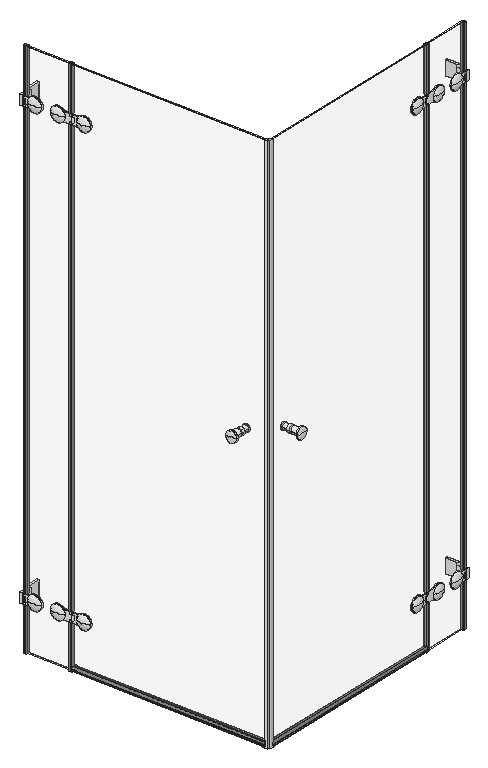
Revit family "Sanitary_Shower-screens_Duscholux_Pure-Style_Perseus_Two-fixed-segments+pivot-twin-doors-angle-acces-Shower", category Plumbing Fixtures, Revit 2016
Family settings
  Part Type = Normal
  Round Connector Dimension = Use Diameter
  OmniClass Number = 23.45.00.00
  OmniClass Title = Sanitary, Laundry, and Cleaning Equipment
  Work Plane-Based = No
  Always vertical = Yes
  Cut with Voids When Loaded = No
  Shared = No
  Room Calculation Point = No
Parameters (values of type "Platinum Aluminium Finish")
  Width lateral side = 900 mm
  Width lateral fixed segment = 180 mm
  Width front fixed segment = 180 mm
  Width front side = 900 mm
  Uniclass 2015 Description = "Shower Enclosures"
  Uniclass 2015 Code = "PR-40-20-06-79"
  URL = "http://www.duscholux.es/"
  UNSPSC Code = "30181507"
  Thickness Glass = 6 mm  # constant formula
  Technical Inspection Certificate (Applus) = "http://www.duscholux.es/resources/custom/var/APPLUS_en.pdf"
  Series = "Pure Style"
  Region South America = "Consult"
  Region Oceania = "Consult"
  Region North America = "Consult"
  Region Middle East = "Consult"
  Region Europe = "AD, ES, FR, PT"
  Region Asia = "Consult"
  Region Antartica = "Consult"
  Region Africa = "Consult"
  Ref. = "4PF / 4PG"
  Products = "http://www.duscholux.es/mamparas_filtro.aspx?es"
  Product group = "Front for shower"
  Product family = "Pure Style"
  Openning lateral angle = 0.00°
  Openning front angle = 0.00°
  Opening System Image = "http://blob.duscholux.es/pluma512/AD2f2pabatible180.gif"
  Opening System = "Pivot Door"
  Net Weight (Kg) = 83
  NBS Reference Description = "Shower Enclosures"
  NBS Reference Code = "45-35-70"
  Model = "Perseus"
  Min Max Width lateral side = if(Width lateral side < 700 mm, 700 mm, if(Width lateral side > 1400 mm, 1400 mm, Width lateral side))  # 900 mm
  Min Max Width front side = if(Width front side < 700 mm, 700 mm, if(Width front side > 1400 mm, 1400 mm, Width front side))  # 900 mm
  Min Max Openning lateral angle = if(Openning lateral angle < -90.00°, -90.00°, if(Openning lateral angle > 90.00°, 90.00°, Openning lateral angle))  # 0.00°
  Min Max Openning front angle = if(Openning front angle < -90.00°, -90.00°, if(Openning front angle > 90.00°, 90.00°, Openning front angle))  # 0.00°
  Max Height = if(Height < 1601 mm, 1601 mm, if(Height > 2100 mm, 2100 mm, Height))  # 2000 mm
  Manufacturer name = "Duscholux Ibérica, S.A."
  Manufacturer country = "Spain"
  Maintenance and Cleaning = "http://www.duscholux.es/mamparas_limpieza.aspx?en"
  Lateral door aperture = Min Max Width lateral side - Width lateral fixed segment  # 720 mm
  Image = "https://www.duscholux.es/resources/custom/img/mamparas/PURE%20STYLE/modelos/2F2PADA/mampara_h.jpg"
  IFC Classification = "Furnishing Element"
  Height = 2000 mm
  Handle Material = Chrome_Finish
  Handle Height = Max Height / 2  # 1000 mm
  Glass in Building UNE EN 12150 = "CE Conformity marking"
  Glass Material = Glass_Material-Duscholux
  Frame Material = Platinum Aluminium Finish
  Fact Sheet = "http://blob.duscholux.es/enpdf2018/Perseus2F2PAD.pdf"
  Manufacturer = "Duscholux Ibérica, S.A."
  Environmental Management ISO 14001 = "ECOEMBES Certificate"
  Edition number = "1"
  Front door aperture = Min Max Width front side - Width front fixed segment  # 720 mm
  Design country = "Spain / Germany"
  Description = "2 fixed segments + pivot twin doors at 180º with angle access for shower"
  Date of publishing = ""
  Assembly Code = "C1030200"
  Configuration enclosure = "http://configuratumampara.duscholux.es/eCatalogo.aspx"
  Components = "Eropean components"
  Type Comments = ""
  Combinations = "Hinge and handle to choice (Round, square or triangular)"
  Certified Quality UNE EN 14428 = "http://www.duscholux.es/duscholux_downloads.aspx?es"
  COBIe Type Category = ""
  Brand = "Duscholux"
  Accesories Material = Chrome_Finish
Types (3, lengths in mm): name | Ref. | Frame Material
  (no name) | "4PF / 4PG" | Platinum Aluminium Finish
  Silver Matt Aluminium Finish | "4UI / 4UD" | Silver Matt Aluminium Finish
  Platinum Aluminium Finish | "4PF / 4PG" | Platinum Aluminium Finish
Reference planes
  plane 1 "Centro (Frontal/Posterior)": y = 0
  plane 2: z = 0
  plane 3 "Centro (Izquierda/Derecha)": x = 0
  plane 4: z = 2000
  plane 5: z = 1000
  plane 6: z = 400
  plane 7: x = 4
  plane 8: y = 0
  plane 9: y = 6
  plane 10: x = 900
  plane 11: z = 580
  plane 12: z = 1820
  plane 13: y = 8
  plane 14: x = 180
  plane 15: z = 8
  plane 16: z = 180
  plane 17: y = 902.737
  plane 18: y = 722.737
  plane 19: y = 2.737
  plane 20: x = 903
  plane 21: y = 898.737
  plane 22: x = 897
Forms (mm)
  Extrusion 1, solid, material "Glass_Material-Duscholux" <- "Glass Material"
    sketch origin (0, 0, 0) x (1, 0, 0) y (0, 1, 0)
      loop
        line (6, 8) -> (6, 0) -> (174, 0) -> (174, 8) -> (6, 8)
    from 0 to 2000
  Extrusion 2, solid, material "Glass_Material-Duscholux" <- "Glass Material"
    sketch origin (180, 0, 0) x (1, 0, 0) y (0, 1, 0)
      loop
        line (0, 6) -> (0, 0) -> (708.197, 0) -> (708.197, 6) -> (0, 6)
    from 8 to 2000
  Extrusion 3, solid, material "Plástico, transparente"
    sketch origin (-322.583, -171.096, 0) x (1, 0, 0) y (0, 1, 0)
      loop
        line (496.583, 179.096) -> (496.583, 171.096) -> (491.583, 171.096) -> (491.583, 170.096) -> (496.583, 170.096) -> (501.183, 170.096)
        arc (501.183, 170.096) -> (502.583, 175.096) -> (501.183, 180.096) r 9.629
        line (501.183, 180.096) -> (496.583, 180.096) -> (491.583, 180.096) -> (491.583, 179.096) -> (496.583, 179.096)
      loop
        line (497.583, 170.596) -> (500.927, 170.596)
        arc (500.927, 170.596) -> (502.083, 175.096) -> (500.927, 179.596) r 9.338
        line (500.927, 179.596) -> (497.583, 179.596) -> (497.583, 170.596)
    from 1837.5 to 2000
  Extrusion 4, solid, material "Plástico, transparente"
    sketch origin (-322.583, -171.096, 0) x (1, 0, 0) y (0, 1, 0)
      loop
        line (496.583, 179.096) -> (496.583, 171.096) -> (491.583, 171.096) -> (491.583, 170.096) -> (496.583, 170.096) -> (501.183, 170.096)
        arc (501.183, 170.096) -> (502.583, 175.096) -> (501.183, 180.096) r 9.629
        line (501.183, 180.096) -> (496.583, 180.096) -> (491.583, 180.096) -> (491.583, 179.096) -> (496.583, 179.096)
      loop
        line (497.583, 170.596) -> (500.927, 170.596)
        arc (500.927, 170.596) -> (502.083, 175.096) -> (500.927, 179.596) r 9.338
        line (500.927, 179.596) -> (497.583, 179.596) -> (497.583, 170.596)
    from 197.5 to 1802.5
  Extrusion 5, solid, material "Plástico, transparente"
    sketch origin (-322.583, -171.096, 0) x (1, 0, 0) y (0, 1, 0)
      loop
        line (496.583, 179.096) -> (496.583, 171.096) -> (491.583, 171.096) -> (491.583, 170.096) -> (496.583, 170.096) -> (501.183, 170.096)
        arc (501.183, 170.096) -> (502.583, 175.096) -> (501.183, 180.096) r 9.629
        line (501.183, 180.096) -> (496.583, 180.096) -> (491.583, 180.096) -> (491.583, 179.096) -> (496.583, 179.096)
      loop
        line (497.583, 170.596) -> (500.927, 170.596)
        arc (500.927, 170.596) -> (502.083, 175.096) -> (500.927, 179.596) r 9.338
        line (500.927, 179.596) -> (497.583, 179.596) -> (497.583, 170.596)
    from 0 to 162.5
  Extrusion 6, solid, material "Plástico, transparente"
    sketch origin (542.583, -171.096, 0) x (-1, 0, 0) y (0, -1, 0)
      loop
        line (536.583, -179.096) -> (531.583, -179.096) -> (531.583, -180.096) -> (536.583, -180.096) -> (541.183, -180.096)
        arc (541.183, -180.096) -> (542.583, -175.096) -> (541.183, -170.096) r 9.629
        line (541.183, -170.096) -> (536.583, -170.096) -> (531.583, -170.096) -> (531.583, -171.096) -> (536.583, -171.096) -> (536.583, -179.096)
      loop
        line (537.583, -170.596) -> (537.583, -179.596) -> (540.927, -179.596)
        arc (540.927, -179.596) -> (542.083, -175.096) -> (540.927, -170.596) r 9.338
        line (540.927, -170.596) -> (537.583, -170.596)
    from 1837.5 to 2000
  Extrusion 7, solid, material "Plástico, transparente"
    sketch origin (542.583, -171.096, 0) x (-1, 0, 0) y (0, -1, 0)
      loop
        line (536.583, -179.096) -> (531.583, -179.096) -> (531.583, -180.096) -> (536.583, -180.096) -> (541.183, -180.096)
        arc (541.183, -180.096) -> (542.583, -175.096) -> (541.183, -170.096) r 9.629
        line (541.183, -170.096) -> (536.583, -170.096) -> (531.583, -170.096) -> (531.583, -171.096) -> (536.583, -171.096) -> (536.583, -179.096)
      loop
        line (537.583, -170.596) -> (537.583, -179.596) -> (540.927, -179.596)
        arc (540.927, -179.596) -> (542.083, -175.096) -> (540.927, -170.596) r 9.338
        line (540.927, -170.596) -> (537.583, -170.596)
    from 197.5 to 1802.5
  Extrusion 8, solid, material "Plástico, transparente"
    sketch origin (542.583, -171.096, 0) x (-1, 0, 0) y (0, -1, 0)
      loop
        line (536.583, -179.096) -> (531.583, -179.096) -> (531.583, -180.096) -> (536.583, -180.096) -> (541.183, -180.096)
        arc (541.183, -180.096) -> (542.583, -175.096) -> (541.183, -170.096) r 9.629
        line (541.183, -170.096) -> (536.583, -170.096) -> (531.583, -170.096) -> (531.583, -171.096) -> (536.583, -171.096) -> (536.583, -179.096)
      loop
        line (537.583, -170.596) -> (537.583, -179.596) -> (540.927, -179.596)
        arc (540.927, -179.596) -> (542.083, -175.096) -> (540.927, -170.596) r 9.338
        line (540.927, -170.596) -> (537.583, -170.596)
    from 0 to 162.5
  Extrusion 9, solid, material "Chrome_Finish" <- "Accesories Material"
    sketch origin (180, 0, 0) x (1, 0, 0) y (0, 1, 0)
      loop
        line (713.377, 7.946) -> (708.197, 6.237) -> (708.197, -1.013)
        arc (708.197, -1.013) -> (714.063, -2.234) -> (719.38, 0.527) r 8.93
        arc (719.38, 0.527) -> (719.673, 1.235) -> (719.38, 1.943) r 1.001
        line (719.38, 1.943) -> (718.327, 2.996) -> (719.034, 3.703) -> (715.639, 7.098) -> (714.932, 6.391) -> (713.377, 7.946)
    from 0 to 2000
  Extrusion 10, solid, material "Glass_Material-Duscholux" <- "Glass Material"
    sketch origin (0, 0, 0) x (1, 0, 0) y (0, 1, 0)
      loop
        line (895, 896.737) -> (895, 728.737) -> (903, 728.737) -> (903, 896.737) -> (895, 896.737)
    from 0 to 2000
  Extrusion 11, solid, material "Glass_Material-Duscholux" <- "Glass Material"
    sketch origin (903, 722.737, 0) x (0, -1, 0) y (1, 0, 0)
      loop
        line (708.197, 0) -> (0, 0) -> (0, -6) -> (708.197, -6) -> (708.197, 0)
    from 8 to 2000
  Extrusion 12, solid, material "Chrome_Finish" <- "Accesories Material"
    sketch origin (903, 722.737, 0) x (0, -1, 0) y (1, 0, 0)
      loop
        line (708.197, -6.494) -> (713.377, -8.209) -> (714.932, -6.654) -> (715.639, -7.361) -> (719.034, -3.966) -> (718.327, -3.259) -> (719.38, -2.206)
        arc (719.38, -2.206) -> (719.658, -1.672) -> (719.579, -1.076) r 1
        arc (719.579, -1.076) -> (714.233, 1.942) -> (708.197, 0.818) r 8.976
        line (708.197, 0.818) -> (708.197, -6.494)
    from 0 to 2000
  Extrusion 13, solid, material "Plástico, transparente"
    sketch origin (1174.096, 400.154, 0) x (0, 1, 0) y (-1, 0, 0)
      loop
        line (496.583, 279.096) -> (496.583, 271.096) -> (491.583, 271.096) -> (491.583, 270.096) -> (496.583, 270.096) -> (501.183, 270.096)
        arc (501.183, 270.096) -> (502.583, 275.096) -> (501.183, 280.096) r 9.629
        line (501.183, 280.096) -> (496.583, 280.096) -> (491.583, 280.096) -> (491.583, 279.096) -> (496.583, 279.096)
      loop
        line (497.583, 270.596) -> (500.927, 270.596)
        arc (500.927, 270.596) -> (502.083, 275.096) -> (500.927, 279.596) r 9.338
        line (500.927, 279.596) -> (497.583, 279.596) -> (497.583, 270.596)
    from 1837.5 to 2000
  Extrusion 14, solid, material "Plástico, transparente"
    sketch origin (1174.096, 1035.32, 0) x (0, -1, 0) y (1, 0, 0)
      loop
        line (306.583, -279.096) -> (301.583, -279.096) -> (301.583, -280.096) -> (306.583, -280.096) -> (311.183, -280.096)
        arc (311.183, -280.096) -> (312.583, -275.096) -> (311.183, -270.096) r 9.629
        line (311.183, -270.096) -> (306.583, -270.096) -> (301.583, -270.096) -> (301.583, -271.096) -> (306.583, -271.096) -> (306.583, -279.096)
      loop
        line (307.583, -270.596) -> (307.583, -279.596) -> (310.927, -279.596)
        arc (310.927, -279.596) -> (312.083, -275.096) -> (310.927, -270.596) r 9.338
        line (310.927, -270.596) -> (307.583, -270.596)
    from 1837.5 to 2000
  Extrusion 15, solid, material "Plástico, transparente"
    sketch origin (1174.096, 400.154, 0) x (0, 1, 0) y (-1, 0, 0)
      loop
        line (496.583, 279.096) -> (496.583, 271.096) -> (491.583, 271.096) -> (491.583, 270.096) -> (496.583, 270.096) -> (501.183, 270.096)
        arc (501.183, 270.096) -> (502.583, 275.096) -> (501.183, 280.096) r 9.629
        line (501.183, 280.096) -> (496.583, 280.096) -> (491.583, 280.096) -> (491.583, 279.096) -> (496.583, 279.096)
      loop
        line (497.583, 270.596) -> (500.927, 270.596)
        arc (500.927, 270.596) -> (502.083, 275.096) -> (500.927, 279.596) r 9.338
        line (500.927, 279.596) -> (497.583, 279.596) -> (497.583, 270.596)
    from 197.5 to 1802.5
  Extrusion 16, solid, material "Plástico, transparente"
    sketch origin (1174.096, 400.154, 0) x (0, 1, 0) y (-1, 0, 0)
      loop
        line (496.583, 279.096) -> (496.583, 271.096) -> (491.583, 271.096) -> (491.583, 270.096) -> (496.583, 270.096) -> (501.183, 270.096)
        arc (501.183, 270.096) -> (502.583, 275.096) -> (501.183, 280.096) r 9.629
        line (501.183, 280.096) -> (496.583, 280.096) -> (491.583, 280.096) -> (491.583, 279.096) -> (496.583, 279.096)
      loop
        line (497.583, 270.596) -> (500.927, 270.596)
        arc (500.927, 270.596) -> (502.083, 275.096) -> (500.927, 279.596) r 9.338
        line (500.927, 279.596) -> (497.583, 279.596) -> (497.583, 270.596)
    from 0 to 162.5
  Extrusion 17, solid, material "Plástico, transparente"
    sketch origin (1174.096, 1035.32, 0) x (0, -1, 0) y (1, 0, 0)
      loop
        line (306.583, -279.096) -> (301.583, -279.096) -> (301.583, -280.096) -> (306.583, -280.096) -> (311.183, -280.096)
        arc (311.183, -280.096) -> (312.583, -275.096) -> (311.183, -270.096) r 9.629
        line (311.183, -270.096) -> (306.583, -270.096) -> (301.583, -270.096) -> (301.583, -271.096) -> (306.583, -271.096) -> (306.583, -279.096)
      loop
        line (307.583, -270.596) -> (307.583, -279.596) -> (310.927, -279.596)
        arc (310.927, -279.596) -> (312.083, -275.096) -> (310.927, -270.596) r 9.338
        line (310.927, -270.596) -> (307.583, -270.596)
    from 197.5 to 1802.5
  Extrusion 18, solid, material "Plástico, transparente"
    sketch origin (1174.096, 1035.32, 0) x (0, -1, 0) y (1, 0, 0)
      loop
        line (306.583, -279.096) -> (301.583, -279.096) -> (301.583, -280.096) -> (306.583, -280.096) -> (311.183, -280.096)
        arc (311.183, -280.096) -> (312.583, -275.096) -> (311.183, -270.096) r 9.629
        line (311.183, -270.096) -> (306.583, -270.096) -> (301.583, -270.096) -> (301.583, -271.096) -> (306.583, -271.096) -> (306.583, -279.096)
      loop
        line (307.583, -270.596) -> (307.583, -279.596) -> (310.927, -279.596)
        arc (310.927, -279.596) -> (312.083, -275.096) -> (310.927, -270.596) r 9.338
        line (310.927, -270.596) -> (307.583, -270.596)
    from 0 to 162.5
Lines and regions (mm)
  reference lines
    curve 1: line (180, 0, 0) -> (900, 0, 0)
    curve 2: line (903, 722.737, 0) -> (903, 2.737, 0)
  symbolic lines
    curve 3: line (1623, 722.737, 0) -> (903, 722.737, 0)
    curve 4: line (183, 722.737, 0) -> (903, 722.737, 0)
    curve 5: arc (1623, 722.737, 0) -> (903, 2.737, 0) -> (183, 722.737, 0) r 720
    curve 6: line (180, 0, 0) -> (180, -720, 0)
    curve 7: line (180, 0, 0) -> (180, 720, 0)
    curve 8: arc (180, -720, 0) -> (900, 0, 0) -> (180, 720, 0) r 720
Dimensions and locks
  locked: plane 3 "Centro (Izquierda/Derecha)" to plane 7 at 4
  "Handle Height": plane 5 to level
  "Min Max Width front side": plane 3 "Centro (Izquierda/Derecha)" to plane 10
  locked: nested 5 to Extrusion 4 at 17.5
  locked: Extrusion 3 to plane 12 at 17.5
  "Width front fixed segment": plane 3 "Centro (Izquierda/Derecha)" to plane 14
  locked: nested 5 to plane 14 at 6
  locked: plane 14 to nested 5 at 6
  "Front door aperture": curve 1 to curve 1
  "Thickness Glass": Extrusion 2 to Extrusion 2
  locked: plane 16 to level at 180
  plane 3 "Centro (Izquierda/Derecha)" to Extrusion 8 = 6 mm
  "Max Height": plane 4 to level
  locked: plane 4 to plane 12 at 180
  locked: nested 11 to plane 12 at 17.5
  "Width lateral fixed segment": plane 17 to plane 18
  "Min Max Width lateral side": plane 19 to plane 17
  "Lateral door aperture": curve 2 to curve 2
  locked: plane 10 to plane 20 at 3
  locked: plane 22 to plane 10 at 3
  locked: plane 8 to plane 19 at 2.737
  locked: plane 17 to plane 21 at 4
  locked: plane 18 to nested 18 at 6
  locked: nested 14 to Extrusion 12 at 100
  "Lateral door aperture": curve 3 to curve 3
  "Lateral door aperture": curve 4 to curve 4
  "Front door aperture": curve 6 to curve 6
  "Front door aperture": curve 7 to curve 7
  "Min Max Openning front angle": angle curve 1 to plane 8
  "Min Max Openning lateral angle": angle plane 20 to curve 2
  aligned and locked: level to plane 2
  aligned and locked: plane 12 to nested 2
  aligned and locked: plane 4 to Extrusion 1
  aligned and locked: plane 14 to curve 1
  aligned and locked: plane 8 to curve 1
  aligned and locked: plane 4 to Extrusion 2
  aligned and locked: nested 5 to plane 12
  aligned and locked: Extrusion 3 to Extrusion 1
  aligned and locked: nested 7 to nested 6
  aligned and locked: plane 5 to nested 6
  aligned and locked: plane 5 to nested 7
  aligned and locked: nested 5 to nested 3
  aligned and locked: Extrusion 4 to Extrusion 7
  aligned and locked: Extrusion 1 to Extrusion 6
  aligned and locked: Extrusion 6 to Extrusion 3
  aligned and locked: Extrusion 2 to nested 8
  aligned and locked: nested 8 to Extrusion 2
  aligned and locked: nested 4 to Extrusion 2
  aligned and locked: nested 10 to plane 12
  aligned and locked: nested 10 to Extrusion 2
  aligned and locked: Extrusion 2 to plane 15
  aligned and locked: plane 16 to nested 1
  aligned and locked: Extrusion 5 to level
  aligned and locked: nested 1 to Extrusion 4
  aligned and locked: Extrusion 7 to nested 9
  aligned and locked: Extrusion 8 to level
  aligned and locked: Extrusion 8 to nested 9
  aligned and locked: plane 4 to Extrusion 9
  aligned and locked: Extrusion 10 to Extrusion 2
  aligned and locked: nested 13 to plane 21
  aligned and locked: nested 12 to nested 13
  aligned and locked: plane 12 to nested 13
  aligned and locked: nested 12 to plane 12
  aligned and locked: plane 18 to curve 2
  aligned and locked: plane 20 to curve 2
  aligned and locked: Extrusion 11 to Extrusion 2
  aligned and locked: plane 4 to Extrusion 12
  aligned and locked: nested 14 to nested 15
  aligned and locked: nested 14 to plane 5
  aligned and locked: plane 5 to nested 15
  aligned and locked: Extrusion 2 to Extrusion 11
  aligned and locked: plane 17 to nested 12
  aligned and locked: nested 17 to plane 16
  aligned and locked: plane 16 to nested 16
  aligned and locked: nested 17 to nested 13
  aligned and locked: plane 17 to nested 17
  aligned and locked: Extrusion 13 to Extrusion 6  (x2)
  aligned and locked: Extrusion 10 to Extrusion 14
  aligned and locked: Extrusion 14 to Extrusion 14
  aligned and locked: Extrusion 14 to Extrusion 3  (x2)
  aligned and locked: nested 18 to nested 19
  aligned and locked: plane 12 to nested 18
  aligned and locked: plane 12 to nested 20
  aligned and locked: plane 16 to nested 19
  aligned and locked: plane 16 to nested 21
  aligned and locked: Extrusion 15 to Extrusion 7  (x2)
  aligned and locked: Extrusion 16 to Extrusion 8  (x2)
  aligned and locked: nested 20 to nested 21
  aligned and locked: Extrusion 17 to Extrusion 17
  aligned and locked: Extrusion 15 to Extrusion 17
  aligned and locked: Extrusion 17 to Extrusion 15
  aligned and locked: Extrusion 18 to Extrusion 18
  aligned and locked: Extrusion 16 to Extrusion 18
  aligned and locked: Extrusion 18 to level
  aligned and locked: nested 22 to Extrusion 11
  aligned and locked: Extrusion 11 to nested 22
Automatic sketch dimensions
  plane 1 "Centro (Frontal/Posterior)" to Extrusion 1 sketch curve = 0 mm
  Extrusion 1 sketch curve to plane 13 = 0 mm
  plane 7 to Extrusion 1 sketch curve = 2 mm
  Extrusion 1 sketch curve to plane 14 = 6 mm
  Extrusion 3 sketch curve to plane 13 = 0 mm
  plane 1 "Centro (Frontal/Posterior)" to Extrusion 3 sketch curve = 0 mm
  Extrusion 3 sketch curve to plane 14 = 11 mm
  Extrusion 3 sketch curve to Extrusion 3 sketch curve = 0 mm  (x4)
  Extrusion 3 sketch curve to plane 19 = 1.263 mm
  Extrusion 3 sketch curve to Extrusion 3 sketch curve = 1.162 mm
  Extrusion 3 sketch curve to Extrusion 3 sketch curve = 0.209 mm
  Extrusion 3 sketch curve to Extrusion 3 sketch curve = 5 mm
  plane 1 "Centro (Frontal/Posterior)" to Extrusion 3 sketch curve = 0.5 mm
  Extrusion 3 sketch curve to Extrusion 3 sketch curve = 1 mm  (x2)
  plane 13 to Extrusion 3 sketch curve = 0.5 mm
  Extrusion 3 sketch curve to plane 14 = 1.656 mm
  Extrusion 3 sketch curve to Extrusion 3 sketch curve = 0.256 mm  (x2)
  Extrusion 4 sketch curve to plane 13 = 0 mm
  plane 1 "Centro (Frontal/Posterior)" to Extrusion 4 sketch curve = 0 mm
  Extrusion 4 sketch curve to plane 14 = 11 mm
  Extrusion 4 sketch curve to Extrusion 4 sketch curve = 0 mm  (x4)
  Extrusion 4 sketch curve to plane 19 = 1.263 mm
  Extrusion 4 sketch curve to Extrusion 4 sketch curve = 1.162 mm
  Extrusion 4 sketch curve to Extrusion 4 sketch curve = 0.209 mm
  Extrusion 4 sketch curve to Extrusion 4 sketch curve = 5 mm
  plane 1 "Centro (Frontal/Posterior)" to Extrusion 4 sketch curve = 0.5 mm
  Extrusion 4 sketch curve to Extrusion 4 sketch curve = 1 mm  (x2)
  plane 13 to Extrusion 4 sketch curve = 0.5 mm
  Extrusion 4 sketch curve to plane 14 = 1.656 mm
  Extrusion 4 sketch curve to Extrusion 4 sketch curve = 0.256 mm  (x2)
  Extrusion 5 sketch curve to plane 13 = 0 mm
  plane 1 "Centro (Frontal/Posterior)" to Extrusion 5 sketch curve = 0 mm
  Extrusion 5 sketch curve to plane 14 = 11 mm
  Extrusion 5 sketch curve to Extrusion 5 sketch curve = 0 mm  (x4)
  Extrusion 5 sketch curve to plane 19 = 1.263 mm
  Extrusion 5 sketch curve to Extrusion 5 sketch curve = 1.162 mm
  Extrusion 5 sketch curve to Extrusion 5 sketch curve = 0.209 mm
  Extrusion 5 sketch curve to Extrusion 5 sketch curve = 5 mm
  plane 1 "Centro (Frontal/Posterior)" to Extrusion 5 sketch curve = 0.5 mm
  Extrusion 5 sketch curve to Extrusion 5 sketch curve = 1 mm  (x2)
  plane 13 to Extrusion 5 sketch curve = 0.5 mm
  Extrusion 5 sketch curve to plane 14 = 1.656 mm
  Extrusion 5 sketch curve to Extrusion 5 sketch curve = 0.256 mm  (x2)
  Extrusion 6 sketch curve to plane 13 = 0 mm
  plane 1 "Centro (Frontal/Posterior)" to Extrusion 6 sketch curve = 0 mm
  Extrusion 6 sketch curve to plane 7 = 7 mm  (x2)
  plane 19 to Extrusion 6 sketch curve = 1.263 mm
  Extrusion 6 sketch curve to Extrusion 6 sketch curve = 1.162 mm
  Extrusion 6 sketch curve to Extrusion 6 sketch curve = 0.209 mm
  Extrusion 6 sketch curve to plane 7 = 2 mm
  Extrusion 6 sketch curve to Extrusion 6 sketch curve = 0 mm  (x3)
  Extrusion 6 sketch curve to plane 1 "Centro (Frontal/Posterior)" = 0.5 mm
  Extrusion 6 sketch curve to plane 7 = 1 mm
  Extrusion 6 sketch curve to plane 13 = 0.5 mm
  Extrusion 6 sketch curve to plane 3 "Centro (Izquierda/Derecha)" = 1.656 mm
  Extrusion 6 sketch curve to Extrusion 6 sketch curve = 0.256 mm  (x2)
  Extrusion 6 sketch curve to plane 1 "Centro (Frontal/Posterior)" = 1 mm
  Extrusion 7 sketch curve to plane 13 = 0 mm
  plane 1 "Centro (Frontal/Posterior)" to Extrusion 7 sketch curve = 0 mm
  Extrusion 7 sketch curve to plane 7 = 7 mm  (x2)
  plane 19 to Extrusion 7 sketch curve = 1.263 mm
  Extrusion 7 sketch curve to Extrusion 7 sketch curve = 1.162 mm
  Extrusion 7 sketch curve to Extrusion 7 sketch curve = 0.209 mm
  Extrusion 7 sketch curve to plane 7 = 2 mm
  Extrusion 7 sketch curve to Extrusion 7 sketch curve = 0 mm  (x3)
  Extrusion 7 sketch curve to plane 1 "Centro (Frontal/Posterior)" = 0.5 mm
  Extrusion 7 sketch curve to plane 7 = 1 mm
  Extrusion 7 sketch curve to plane 13 = 0.5 mm
  Extrusion 7 sketch curve to plane 3 "Centro (Izquierda/Derecha)" = 1.656 mm
  Extrusion 7 sketch curve to Extrusion 7 sketch curve = 0.256 mm  (x2)
  Extrusion 7 sketch curve to plane 1 "Centro (Frontal/Posterior)" = 1 mm
  Extrusion 8 sketch curve to plane 13 = 0 mm
  plane 1 "Centro (Frontal/Posterior)" to Extrusion 8 sketch curve = 0 mm
  Extrusion 8 sketch curve to plane 7 = 7 mm  (x2)
  plane 19 to Extrusion 8 sketch curve = 1.263 mm
  Extrusion 8 sketch curve to Extrusion 8 sketch curve = 1.162 mm
  Extrusion 8 sketch curve to Extrusion 8 sketch curve = 0.209 mm
  Extrusion 8 sketch curve to plane 7 = 2 mm
  Extrusion 8 sketch curve to Extrusion 8 sketch curve = 0 mm  (x3)
  Extrusion 8 sketch curve to plane 1 "Centro (Frontal/Posterior)" = 0.5 mm
  Extrusion 8 sketch curve to plane 7 = 1 mm
  Extrusion 8 sketch curve to plane 13 = 0.5 mm
  Extrusion 8 sketch curve to plane 3 "Centro (Izquierda/Derecha)" = 1.656 mm
  Extrusion 8 sketch curve to Extrusion 8 sketch curve = 0.256 mm  (x2)
  Extrusion 8 sketch curve to plane 1 "Centro (Frontal/Posterior)" = 1 mm
  Extrusion 13 sketch curve to plane 20 = 0 mm
  Extrusion 13 sketch curve to plane 22 = 2 mm
  Extrusion 13 sketch curve to plane 21 = 7 mm  (x2)
  Extrusion 13 sketch curve to plane 10 = 1 mm
  Extrusion 13 sketch curve to Extrusion 13 sketch curve = 1.162 mm
  Extrusion 13 sketch curve to Extrusion 13 sketch curve = 0.209 mm
  Extrusion 13 sketch curve to plane 21 = 2 mm
  Extrusion 13 sketch curve to Extrusion 13 sketch curve = 0 mm  (x3)
  plane 20 to Extrusion 13 sketch curve = 0.5 mm
  Extrusion 13 sketch curve to plane 21 = 1 mm
  Extrusion 13 sketch curve to plane 17 = 1.656 mm  (x2)
  Extrusion 13 sketch curve to Extrusion 13 sketch curve = 0.256 mm  (x2)
  plane 20 to Extrusion 13 sketch curve = 1 mm
  Extrusion 15 sketch curve to plane 20 = 0 mm
  Extrusion 15 sketch curve to plane 22 = 2 mm
  Extrusion 15 sketch curve to plane 21 = 7 mm  (x2)
  Extrusion 15 sketch curve to plane 10 = 1 mm
  Extrusion 15 sketch curve to Extrusion 15 sketch curve = 1.162 mm
  Extrusion 15 sketch curve to Extrusion 15 sketch curve = 0.209 mm
  Extrusion 15 sketch curve to plane 21 = 2 mm
  Extrusion 15 sketch curve to Extrusion 15 sketch curve = 0 mm  (x3)
  plane 20 to Extrusion 15 sketch curve = 0.5 mm
  Extrusion 15 sketch curve to plane 21 = 1 mm
  Extrusion 15 sketch curve to plane 17 = 1.656 mm  (x2)
  Extrusion 15 sketch curve to Extrusion 15 sketch curve = 0.256 mm  (x2)
  plane 20 to Extrusion 15 sketch curve = 1 mm
  Extrusion 16 sketch curve to plane 20 = 0 mm
  Extrusion 16 sketch curve to plane 22 = 2 mm
  Extrusion 16 sketch curve to plane 21 = 7 mm  (x2)
  Extrusion 16 sketch curve to plane 10 = 1 mm
  Extrusion 16 sketch curve to Extrusion 16 sketch curve = 1.162 mm
  Extrusion 16 sketch curve to Extrusion 16 sketch curve = 0.209 mm
  Extrusion 16 sketch curve to plane 21 = 2 mm
  Extrusion 16 sketch curve to Extrusion 16 sketch curve = 0 mm  (x3)
  plane 20 to Extrusion 16 sketch curve = 0.5 mm
  Extrusion 16 sketch curve to plane 21 = 1 mm
  Extrusion 16 sketch curve to plane 17 = 1.656 mm  (x2)
  Extrusion 16 sketch curve to Extrusion 16 sketch curve = 0.256 mm  (x2)
  plane 20 to Extrusion 16 sketch curve = 1 mm
  Extrusion 2 sketch curve to curve 1 = 0 mm  (x2)
  curve 1 to Extrusion 2 sketch curve = 6 mm
  Extrusion 2 sketch curve to curve 1 = 11.803 mm
  Extrusion 9 sketch curve to curve 1 = 11.803 mm
  Extrusion 9 sketch curve to Extrusion 9 sketch curve = 4.647 mm
  Extrusion 9 sketch curve to Extrusion 9 sketch curve = 0.533 mm
  Extrusion 9 sketch curve to Extrusion 9 sketch curve = 2.087 mm
  Extrusion 9 sketch curve to Extrusion 9 sketch curve = 0.707 mm
  Extrusion 9 sketch curve to curve 1 = 1.673 mm
  Extrusion 9 sketch curve to curve 1 = 1.328 mm
  Extrusion 9 sketch curve to curve 1 = 0.966 mm
  Extrusion 9 sketch curve to curve 1 = 0.62 mm
  curve 1 to Extrusion 9 sketch curve = 1.013 mm
  Extrusion 9 sketch curve to curve 1 = 1.235 mm
  Extrusion 9 sketch curve to Extrusion 9 sketch curve = 0.708 mm
  Extrusion 9 sketch curve to Extrusion 9 sketch curve = 1.053 mm
  Extrusion 9 sketch curve to Extrusion 9 sketch curve = 1.708 mm
  Extrusion 9 sketch curve to Extrusion 9 sketch curve = 1.333 mm
  Extrusion 10 sketch curve to plane 20 = 0 mm
  Extrusion 10 sketch curve to plane 22 = 2 mm
  plane 18 to Extrusion 10 sketch curve = 6 mm
  Extrusion 10 sketch curve to plane 21 = 2 mm
  Extrusion 11 sketch curve to curve 2 = 0 mm  (x2)
  Extrusion 11 sketch curve to curve 2 = 6 mm
  Extrusion 11 sketch curve to curve 2 = 11.803 mm
  Extrusion 12 sketch curve to curve 2 = 0.818 mm
  Extrusion 12 sketch curve to curve 2 = 11.803 mm
  Extrusion 12 sketch curve to Extrusion 12 sketch curve = 4.562 mm
  Extrusion 12 sketch curve to Extrusion 12 sketch curve = 0.618 mm
  Extrusion 12 sketch curve to Extrusion 12 sketch curve = 2.173 mm
  Extrusion 12 sketch curve to Extrusion 12 sketch curve = 0.707 mm
  Extrusion 12 sketch curve to curve 2 = 1.673 mm
  Extrusion 12 sketch curve to curve 2 = 1.327 mm
  Extrusion 12 sketch curve to curve 2 = 0.966 mm
  Extrusion 12 sketch curve to curve 2 = 0.62 mm
  curve 2 to Extrusion 12 sketch curve = 1.499 mm
  Extrusion 12 sketch curve to curve 2 = 2.206 mm
  Extrusion 12 sketch curve to Extrusion 12 sketch curve = 1.053 mm
  Extrusion 12 sketch curve to Extrusion 12 sketch curve = 1.715 mm
  Extrusion 12 sketch curve to Extrusion 12 sketch curve = 1.297 mm
  Extrusion 14 sketch curve to plane 20 = 0 mm
  plane 22 to Extrusion 14 sketch curve = 2 mm
  Extrusion 14 sketch curve to plane 18 = 11 mm
  Extrusion 14 sketch curve to Extrusion 14 sketch curve = 0 mm  (x4)
  plane 10 to Extrusion 14 sketch curve = 1 mm
  Extrusion 14 sketch curve to Extrusion 14 sketch curve = 1.162 mm
  Extrusion 14 sketch curve to Extrusion 14 sketch curve = 0.209 mm
  Extrusion 14 sketch curve to Extrusion 14 sketch curve = 5 mm
  Extrusion 14 sketch curve to plane 20 = 0.5 mm
  Extrusion 14 sketch curve to Extrusion 14 sketch curve = 1 mm  (x2)
  Extrusion 14 sketch curve to plane 18 = 1.656 mm  (x2)
  Extrusion 14 sketch curve to Extrusion 14 sketch curve = 0.256 mm  (x2)
  Extrusion 17 sketch curve to plane 20 = 0 mm
  plane 22 to Extrusion 17 sketch curve = 2 mm
  Extrusion 17 sketch curve to plane 18 = 11 mm
  Extrusion 17 sketch curve to Extrusion 17 sketch curve = 0 mm  (x4)
  plane 10 to Extrusion 17 sketch curve = 1 mm
  Extrusion 17 sketch curve to Extrusion 17 sketch curve = 1.162 mm
  Extrusion 17 sketch curve to Extrusion 17 sketch curve = 0.209 mm
  Extrusion 17 sketch curve to Extrusion 17 sketch curve = 5 mm
  Extrusion 17 sketch curve to plane 20 = 0.5 mm
  Extrusion 17 sketch curve to Extrusion 17 sketch curve = 1 mm  (x2)
  Extrusion 17 sketch curve to plane 18 = 1.656 mm  (x2)
  Extrusion 17 sketch curve to Extrusion 17 sketch curve = 0.256 mm  (x2)
  Extrusion 18 sketch curve to plane 20 = 0 mm
  plane 22 to Extrusion 18 sketch curve = 2 mm
  Extrusion 18 sketch curve to plane 18 = 11 mm
  Extrusion 18 sketch curve to Extrusion 18 sketch curve = 0 mm  (x4)
  plane 10 to Extrusion 18 sketch curve = 1 mm
  Extrusion 18 sketch curve to Extrusion 18 sketch curve = 1.162 mm
  Extrusion 18 sketch curve to Extrusion 18 sketch curve = 0.209 mm
  Extrusion 18 sketch curve to Extrusion 18 sketch curve = 5 mm
  Extrusion 18 sketch curve to plane 20 = 0.5 mm
  Extrusion 18 sketch curve to Extrusion 18 sketch curve = 1 mm  (x2)
  Extrusion 18 sketch curve to plane 18 = 1.656 mm  (x2)
  Extrusion 18 sketch curve to Extrusion 18 sketch curve = 0.256 mm  (x2)
  curve 6 to plane 14 = 0 mm
  plane 1 "Centro (Frontal/Posterior)" to curve 7 = 0 mm
  curve 3 to curve 2 = 0 mm  (x2)
Nested families
  nested 1: "Hinge (Wall)" at (0, 0, 155), type "Hinge (Wall)"
  nested 2: "Hinge (Wall)" at (0, 0, 1795), type "Hinge (Wall)"
  nested 3: "Hinge (Fixed segment)" at (178, 0, 180) x (1, 0, 0) z (0, -1, 0), type "Hinge (Fixed segment)"
  nested 4: "Hinge (Door)" at (180, 0, 180) x (1, 0, 0) z (0, -1, 0), type "Hinge (Door)"
  nested 5: "Hinge (Fixed segment)" at (178, 0, 1820) x (1, 0, 0) z (0, -1, 0), type "Hinge (Fixed segment)"
  nested 6: "Ext.-Handle-Purestyle" at (788.197, 0, 1000) x (-1, 0, 0) z (0, -1, 0), type "Ext.-Handle-Purestyle", detail levels medium+fine
  nested 7: "Int.-Handle-Purestyle" at (788.197, 6, 1000) x (1, 0, 0) z (0, 1, 0), type "Int.-Handle-Purestyle", detail levels medium+fine
  nested 8: "Lower- Guide" at (180, 2.737, 8), type "Lower-Guide", detail levels fine
    with built-in parameter 1001306 2.3235 (stored number, unit not read)
  nested 9: "Hinge (Glass)" at (0, 0, 180) x (1, 0, 0) z (0, -1, 0), type "Hinge (Glass)"
  nested 10: "Hinge (Door)" at (180, 0, 1820) x (1, 0, 0) z (0, -1, 0), type "Hinge (Door)"
  nested 11: "Hinge (Glass)" at (0, 0, 1820) x (1, 0, 0) z (0, -1, 0), type "Hinge (Glass)"
  nested 12: "Hinge (Wall)" at (903, 902.737, 1795) x (0, -1, 0) z (0, 0, 1), type "Hinge (Wall)"
  nested 13: "Hinge (Glass)" at (903, 902.737, 1820) x (0, -1, 0) z (1, 0, 0), type "Hinge (Glass)"
  nested 14: "Ext.-Handle-Purestyle" at (903, 114.54, 1000) x (0, 1, 0) z (1, 0, 0), type "Ext.-Handle-Purestyle", detail levels medium+fine
  nested 15: "Int.-Handle-Purestyle" at (897, 114.54, 1000) x (0, 1, 0) z (-1, 0, 0), type "Int.-Handle-Purestyle", detail levels medium+fine
  nested 16: "Hinge (Glass)" at (903, 902.737, 180) x (0, -1, 0) z (1, 0, 0), type "Hinge (Glass)"
  nested 17: "Hinge (Wall)" at (903, 902.737, 155) x (0, -1, 0) z (0, 0, 1), type "Hinge (Wall)"
  nested 18: "Hinge (Fixed segment)" at (903, 724.737, 1820) x (0, -1, 0) z (1, 0, 0), type "Hinge (Fixed segment)"
  nested 19: "Hinge (Fixed segment)" at (903, 724.737, 180) x (0, -1, 0) z (1, 0, 0), type "Hinge (Fixed segment)"
  nested 20: "Hinge (Door)" at (903, 722.737, 1820) x (0, -1, 0) z (1, 0, 0), type "Hinge (Door)"
  nested 21: "Hinge (Door)" at (903, 722.737, 180) x (0, -1, 0) z (1, 0, 0), type "Hinge (Door)"
  nested 22: "Lower- Guide" at (900.068, 14.54, 8) x (0, 1, 0) z (0, 0, 1), type "Lower-Guide", detail levels fine
    with built-in parameter 1001306 2.3235 (stored number, unit not read)
Definition of nested family "Hinge (Wall)"
  Parameters (values of type "pletina pared")
    Material Accesorios = none
    Accesories Material = none
  Reference planes
    plane 1 "Centro (Frontal/Posterior)": y = 0
    plane 2: z = 0
    plane 3 "Centro (Izquierda/Derecha)": x = 0
    plane 4: z = 50
    plane 5: z = 42.5
    plane 6: z = 7.5
    plane 7: z = 25
  Forms (mm)
    Extrusion 1, solid, material <- "Accesories Material"
      sketch origin (0, 0, 0) x (1, 0, 0) y (0, 1, 0)
        loop
          line (-3.514, 75) -> (-10, 75) -> (-10, -4) -> (0, -4) -> (0, 32) -> (-1.514, 32) -> (-1.514, 73)
          arc (-1.514, 73) -> (-2.1, 74.414) -> (-3.514, 75) r 2
      from 0 to 50
    Extrusion 2, void
      sketch origin (0, 0, 0) x (1, 0, 0) y (0, 1, 0)
        loop
          line (-10, -4) -> (0, -4) -> (0, 32) -> (-1.514, 32) -> (-10, 26.002) -> (-10, -4)
      from 42.5 to 50
    Extrusion 3, void
      sketch origin (0, 0, 0) x (1, 0, 0) y (0, 1, 0)
        loop
          line (-10, 26.002) -> (-10, -4) -> (0, -4) -> (0, 32) -> (-1.514, 32) -> (-10, 26.002)
      from 0 to 7.5
  Cuts and joins
    Extrusion 2, Extrusion 3 cuts Extrusion 1
  Dimensions and locks
    equal spacing: plane 4, plane 7, level
    aligned and locked: level to plane 2
    aligned and locked: plane 4 to Extrusion 1
    aligned and locked: Extrusion 2 to Extrusion 1
    aligned and locked: Extrusion 2 to plane 5
    aligned and locked: Extrusion 3 to level
    aligned and locked: plane 6 to Extrusion 3
    aligned and locked: Extrusion 1 to Extrusion 2
    aligned and locked: Extrusion 1 to Extrusion 3
  Automatic sketch dimensions
    Extrusion 1 sketch curve to plane 3 "Centro (Izquierda/Derecha)" = 0 mm
    Extrusion 1 sketch curve to plane 3 "Centro (Izquierda/Derecha)" = 1.514 mm
    Extrusion 1 sketch curve to Extrusion 1 sketch curve = 2 mm
    plane 1 "Centro (Frontal/Posterior)" to Extrusion 1 sketch curve = 4 mm
    Extrusion 1 sketch curve to plane 3 "Centro (Izquierda/Derecha)" = 10 mm
    Extrusion 1 sketch curve to plane 1 "Centro (Frontal/Posterior)" = 32 mm
    Extrusion 1 sketch curve to Extrusion 1 sketch curve = 41 mm
    Extrusion 2 sketch curve to plane 3 "Centro (Izquierda/Derecha)" = 0 mm
    Extrusion 2 sketch curve to plane 3 "Centro (Izquierda/Derecha)" = 1.514 mm
    plane 1 "Centro (Frontal/Posterior)" to Extrusion 2 sketch curve = 4 mm
    Extrusion 2 sketch curve to plane 3 "Centro (Izquierda/Derecha)" = 10 mm
    Extrusion 2 sketch curve to plane 1 "Centro (Frontal/Posterior)" = 26.002 mm
    Extrusion 2 sketch curve to Extrusion 2 sketch curve = 5.998 mm
    Extrusion 3 sketch curve to plane 3 "Centro (Izquierda/Derecha)" = 0 mm
    Extrusion 3 sketch curve to plane 3 "Centro (Izquierda/Derecha)" = 1.514 mm
    Extrusion 3 sketch curve to plane 3 "Centro (Izquierda/Derecha)" = 10 mm
    plane 1 "Centro (Frontal/Posterior)" to Extrusion 3 sketch curve = 4 mm
    Extrusion 3 sketch curve to plane 1 "Centro (Frontal/Posterior)" = 26.002 mm
    Extrusion 3 sketch curve to Extrusion 3 sketch curve = 5.998 mm
Definition of nested family "Hinge (Fixed segment)"
  Parameters (values of type "pletina fijo")
    Default Elevation = 1219.2 mm
    Accesories Material = none
  Reference planes
    plane 1 "Centro (Frontal/Posterior)": y = 0
    plane 2: z = 0
    plane 3 "Centro (Izquierda/Derecha)": x = 0
    plane 4: y = 17.5
    plane 5: y = -17.5
    plane 6: x = 43.993
  Forms (mm)
    Extrusion 1, solid
      sketch origin (0, 0, 0) x (1, 0, 0) y (0, 1, 0)
        loop
          line (-1219.2, 1219.2) -> (-1219.2, -1219.2) -> (1219.2, -1219.2) -> (1219.2, 1219.2) -> (-1219.2, 1219.2)
      from 0 to -304.8
    Extrusion 2, solid, material <- "Accesories Material"
      sketch origin (-4, 0, 0) x (-1, 0, 0) y (0, -1, 0)
        loop
          line (0, -17.5) -> (25.565, -17.5)
          arc (25.565, -17.5) -> (70.793, 0) -> (25.565, 17.5) r 26
          line (25.565, 17.5) -> (0, 17.5) -> (0, -17.5)
      from 0 to 4
    Extrusion 3, solid, material <- "Accesories Material"
      sketch origin (0, 0, 0) x (1, 0, 0) y (0, 1, 0)
        loop
          line (0, -9.5) -> (0, 9.5) -> (-4, 9.5) -> (-4, -9.5) -> (0, -9.5)
      from 0 to 4
    Revolve 4, solid, material <- "Accesories Material"
      sketch origin (-92.787, 0, 0) x (1, 0, 0) y (0, 0, 1)
        loop
          arc (69.993, 4) -> (57.6, 9.978) -> (43.993, 12.031) r 46.1
          line (43.993, 12.031) -> (43.993, 4) -> (69.993, 4)
        axis (43.993, 12.031) -> (43.993, 4)
      angle from 0 to 360
    Extrusion 5, solid, material <- "Accesories Material"
      sketch origin (0, 0, 0) x (1, 0, 0) y (0, 0, 1)
        loop
          line (0, 4) -> (0, 0) -> (8, 0)
          arc (8, 0) -> (6.828, 2.828) -> (4, 4) r 4
          line (4, 4) -> (0, 4)
      from -9.5 to 9.5
  Cuts and joins
    joined: Extrusion 2, Extrusion 3, Extrusion 5
  Dimensions and locks
    aligned and locked: plane 2 to Extrusion 1
    aligned and locked: level to Extrusion 1
    aligned and locked: Extrusion 5 to cut or joined group of Extrusion 2, Extrusion 3, Extrusion 5
    aligned and locked: cut or joined group of Extrusion 2, Extrusion 3, Extrusion 5 to Extrusion 5
Definition of nested family "Hinge (Door)"
  Parameters (values of type "pletina puerta")
    Default Elevation = 1219.2 mm
    Accesories Material = none
  Reference planes
    plane 1 "Centro (Frontal/Posterior)": y = 0
    plane 2: z = 0
    plane 3 "Centro (Izquierda/Derecha)": x = 0
    plane 4: y = 17.5
    plane 5: y = -17.5
    plane 6: x = 43.993
  Forms (mm)
    Extrusion 1, solid
      sketch origin (0, 0, 0) x (1, 0, 0) y (0, 1, 0)
        loop
          line (-1219.2, 1219.2) -> (-1219.2, -1219.2) -> (1219.2, -1219.2) -> (1219.2, 1219.2) -> (-1219.2, 1219.2)
      from 0 to -304.8
    Revolve 2, solid, material <- "Accesories Material"
      sketch origin (0.8, 0, 0) x (1, 0, 0) y (0, 0, 1)
        loop
          arc (69.993, 4) -> (57.6, 9.978) -> (43.993, 12.031) r 46.1
          line (43.993, 12.031) -> (43.993, 4) -> (69.993, 4)
        axis (43.993, 12.031) -> (43.993, 4)
      angle from 0 to 360
    Extrusion 3, void
      sketch origin (0, 0, 0) x (1, 0, 0) y (0, 0, 1)
        loop
          arc (0, 0) -> (1.172, 2.828) -> (4, 4) r 4
          line (4, 4) -> (0, 4) -> (0, 0)
      from 9.5 to 17.5
    Extrusion 4, solid, material <- "Accesories Material"
      sketch origin (0, 0, 0) x (1, 0, 0) y (0, 1, 0)
        loop
          line (0, 17.5) -> (0, 9.5) -> (13.5, 9.5) -> (13.5, -9.5) -> (0, -9.5) -> (0, -17.5) -> (25.577, -17.5)
          arc (25.577, -17.5) -> (70.793, 0.017) -> (25.565, 17.5) r 25.997
          line (25.565, 17.5) -> (0, 17.5)
      from 0 to 4
    Extrusion 5, void
      sketch origin (0, 0, 0) x (1, 0, 0) y (0, 0, 1)
        loop
          arc (0, 0) -> (1.172, 2.828) -> (4, 4) r 4
          line (4, 4) -> (0, 4) -> (0, 0)
      from -17.5 to -9.5
  Cuts and joins
    Extrusion 3 cuts Revolve 2
    Extrusion 3, Extrusion 5 cuts Extrusion 4
  Dimensions and locks
    aligned and locked: plane 2 to Extrusion 1
    aligned and locked: level to Extrusion 1
    aligned and locked: Extrusion 4 to cut or joined group of Revolve 2, Extrusion 3
    aligned and locked: plane 4 to Extrusion 5
    aligned and locked: Extrusion 5 to Extrusion 4
Definition of nested family "Ext.-Handle-Purestyle"
  Parameters (values of type "Ext.-Handle-Purestyle")
    Handle Material = none
    Default Elevation = 1219.2 mm
  Reference planes
    plane 1 "Centro (Frontal/Posterior)": y = 0
    plane 2: z = 0
    plane 3 "Centro (Izquierda/Derecha)": x = 0
    plane 4: z = 25
    plane 5: z = 30
    plane 6: z = 27.5
  Forms (mm)
    Extrusion 1, solid
      sketch origin (0, 0, 0) x (1, 0, 0) y (0, 1, 0)
        loop
          line (-1219.2, 1219.2) -> (-1219.2, -1219.2) -> (1219.2, -1219.2) -> (1219.2, 1219.2) -> (-1219.2, 1219.2)
      from 0 to -304.8
    Extrusion 2, solid, material <- "Handle Material"
      sketch origin (0, 0, 0) x (1, 0, 0) y (0, 1, 0)
        loop
          circle (0, 0) r 12.542
      from 0 to 25
    Extrusion 3, solid, material <- "Handle Material"
      sketch origin (0, 0, 0) x (1, 0, 0) y (0, 1, 0)
        loop
          circle (0, 0) r 20
      from 25 to 30
    Revolve 4, solid, material <- "Handle Material"
      sketch origin (0, 0, 0) x (1, 0, 0) y (0, 0, 1)
        loop
          line (0, 30) -> (20, 30)
          arc (20, 30) -> (10.059, 31.59) -> (0, 32.01) r 86.26
          line (0, 32.01) -> (0, 30)
        axis (0, 32.01) -> (0, 30)
      angle from 0 to 360
    Revolve 5, solid, material <- "Handle Material"
      sketch origin (0, 0, 55) x (1, 0, 0) y (0, 0, -1)
        loop
          line (0, 30) -> (20, 30)
          arc (20, 30) -> (10.059, 31.59) -> (0, 32.01) r 86.26
          line (0, 32.01) -> (0, 30)
        axis (0, 32.01) -> (0, 30)
      angle from 0 to 360
  Cuts and joins
    joined: Extrusion 2, Extrusion 3, Revolve 4, Revolve 5
  Dimensions and locks
    aligned and locked: plane 2 to Extrusion 1
    aligned and locked: level to Extrusion 1
    aligned and locked: Extrusion 3 to Extrusion 2
    aligned and locked: plane 5 to Extrusion 3
Definition of nested family "Int.-Handle-Purestyle"
  Parameters (values of type "Int.-Handle-Purestyle")
    Handle Material = none
    Default Elevation = 1219.2 mm
  Reference planes
    plane 1 "Centro (Frontal/Posterior)": y = 0
    plane 2: z = 0
    plane 3 "Centro (Izquierda/Derecha)": x = 0
    plane 4: z = 10
    plane 5: z = 30
    plane 6: z = 33
  Forms (mm)
    Extrusion 1, solid
      sketch origin (0, 0, 0) x (1, 0, 0) y (0, 1, 0)
        loop
          line (-1219.2, 1219.2) -> (-1219.2, -1219.2) -> (1219.2, -1219.2) -> (1219.2, 1219.2) -> (-1219.2, 1219.2)
      from 0 to -304.8
    Extrusion 2, solid, material <- "Handle Material"
      sketch origin (0, 0, 0) x (1, 0, 0) y (0, 1, 0)
        loop
          circle (0, 0) r 12.518
      from 0 to 10
    Extrusion 3, solid, material <- "Handle Material"
      sketch origin (0, 0, 0) x (1, 0, 0) y (0, 1, 0)
        loop
          circle (0, 0) r 10
      from 10 to 30
    Extrusion 4, solid, material <- "Handle Material"
      sketch origin (0, 0, 0) x (1, 0, 0) y (0, 1, 0)
        loop
          circle (0, 0) r 12.518
      from 30 to 33
  Cuts and joins
    joined: Extrusion 2, Extrusion 3, Extrusion 4
  Dimensions and locks
    aligned and locked: plane 2 to Extrusion 1
    aligned and locked: level to Extrusion 1
    aligned and locked: Extrusion 3 to Extrusion 2
    aligned and locked: Extrusion 4 to Extrusion 3
    aligned and locked: plane 6 to Extrusion 4
Definition of nested family "Lower- Guide"
  Parameters (values of type "Lower-Guide")
    built-in parameter 1001306 [instance] = 800 mm
  Reference planes
    plane 1 "Centro (Frontal/Posterior)": y = 0
    plane 2: z = 0
    plane 3 "Izquierda": x = 0
    plane 4 "Derecha": x = 800
    plane 5: z = 0
  Forms (mm)
    Extrusion 1, solid
      sketch origin (0, 0, 0) x (0, 1, 0) y (0, 0, 1)
        loop
          line (-4.2, 0) -> (-3, 12) -> (-4.5, 12) -> (-5.692, 0.15)
          arc (-5.692, 0.15) -> (-5.345, -0.968) -> (-4.3, -1.497) r 1.5
          line (-4.3, -1.497) -> (-4.3, -5.874)
          arc (-4.3, -5.874) -> (-3.9, -6.274) -> (-3.5, -5.874) r 0.4
          line (-3.5, -5.874) -> (-3.5, -1.5) -> (3.5, -1.5) -> (3.5, -7.653)
          arc (3.5, -7.653) -> (3.9, -8.053) -> (4.3, -7.653) r 0.4
          line (4.3, -7.653) -> (4.3, -1.508) -> (5.754, -1.508) -> (11.976, -3.947)
          arc (11.976, -3.947) -> (12.62, -3.771) -> (12.515, -3.111) r 0.5
          line (12.515, -3.111) -> (9.056, -1.58)
          arc (9.056, -1.58) -> (6.398, 0.585) -> (5.211, 3.802) r 6.5
          line (5.211, 3.802) -> (4.5, 12) -> (3, 12) -> (4.2, 0) -> (-4.2, 0)
      from 0 to 800
  Lines and regions (mm)
    reference lines
      curve 1: line (0, 0, 0) -> (800, 0, 0)
  Dimensions and locks
    "built-in parameter 1001306": plane 3 "Izquierda" to plane 4 "Derecha"
    aligned and locked: plane 4 "Derecha" to curve 1
    aligned and locked: plane 1 "Centro (Frontal/Posterior)" to curve 1
    aligned and locked: plane 3 "Izquierda" to curve 1
    aligned and locked: level to plane 2
    aligned and locked: plane 4 "Derecha" to Extrusion 1
  Automatic sketch dimensions
    Extrusion 1 sketch curve to level = 0 mm  (x2)
    Extrusion 1 sketch curve to Extrusion 1 sketch curve = 0.4 mm  (x3)
    Extrusion 1 sketch curve to Extrusion 1 sketch curve = 0 mm  (x2)
    Extrusion 1 sketch curve to Extrusion 1 sketch curve = 1.5 mm  (x2)
    Extrusion 1 sketch curve to Extrusion 1 sketch curve = 1.454 mm
    Extrusion 1 sketch curve to level = 1.58 mm
    Extrusion 1 sketch curve to Extrusion 1 sketch curve = 3.301 mm
    level to Extrusion 1 sketch curve = 4.364 mm
    Extrusion 1 sketch curve to Extrusion 1 sketch curve = 2.632 mm
    Extrusion 1 sketch curve to level = 3.947 mm
    Extrusion 1 sketch curve to Extrusion 1 sketch curve = 2.921 mm
    Extrusion 1 sketch curve to Extrusion 1 sketch curve = 0.224 mm
    Extrusion 1 sketch curve to level = 3.111 mm
    Extrusion 1 sketch curve to Extrusion 1 sketch curve = 0.315 mm
    Extrusion 1 sketch curve to level = 5.874 mm
    Extrusion 1 sketch curve to Extrusion 1 sketch curve = 1.778 mm
    Extrusion 1 sketch curve to level = 1.508 mm
    Extrusion 1 sketch curve to level = 1.5 mm
    Extrusion 1 sketch curve to Extrusion 1 sketch curve = 0.003 mm
    level to Extrusion 1 sketch curve = 12 mm
    level to Extrusion 1 sketch curve = 0.15 mm
    plane 1 "Centro (Frontal/Posterior)" to Extrusion 1 sketch curve = 3 mm
    plane 1 "Centro (Frontal/Posterior)" to Extrusion 1 sketch curve = 3.5 mm
    Extrusion 1 sketch curve to Extrusion 1 sketch curve = 0.1 mm  (x2)
    Extrusion 1 sketch curve to plane 1 "Centro (Frontal/Posterior)" = 3 mm
    Extrusion 1 sketch curve to plane 1 "Centro (Frontal/Posterior)" = 3.5 mm
    Extrusion 1 sketch curve to Extrusion 1 sketch curve = 0.799 mm
    level to Extrusion 1 sketch curve = 3.802 mm
Definition of nested family "Hinge (Glass)"
  Parameters (values of type "Hinge (Glass)")
    Default Elevation = 1219.2 mm
    Accesories Material = none
  Reference planes
    plane 1 "Centro (Frontal/Posterior)": y = 0
    plane 2: z = 0
    plane 3 "Centro (Izquierda/Derecha)": x = 0
    plane 4: y = 17.5
    plane 5: y = -17.5
    plane 6: x = 43.993
  Forms (mm)
    Extrusion 1, solid
      sketch origin (0, 0, 0) x (1, 0, 0) y (0, 1, 0)
        loop
          line (-1219.2, 1219.2) -> (-1219.2, -1219.2) -> (1219.2, -1219.2) -> (1219.2, 1219.2) -> (-1219.2, 1219.2)
      from 0 to -304.8
    Extrusion 2, solid, material <- "Accesories Material"
      sketch origin (0.8, 0, 0) x (1, 0, 0) y (0, 1, 0)
        loop
          line (-0.8, 17.5) -> (-0.8, -17.5) -> (24.777, -17.5)
          arc (24.777, -17.5) -> (69.993, 0) -> (24.777, 17.5) r 25.995
          line (24.777, 17.5) -> (-0.8, 17.5)
        loop
          line (3.2, 9.5) -> (3.2, -9.5) -> (12.7, -9.5) -> (12.7, 9.5) -> (3.2, 9.5)
      from 0 to 4
    Revolve 3, solid, material <- "Accesories Material"
      sketch origin (0.8, 0, 0) x (1, 0, 0) y (0, 0, 1)
        loop
          arc (69.993, 4) -> (57.6, 9.978) -> (43.993, 12.031) r 46.1
          line (43.993, 12.031) -> (43.993, 4) -> (69.993, 4)
        axis (43.993, 12.031) -> (43.993, 4)
      angle from 0 to 360
    Extrusion 4, void
      sketch origin (0, 0, 0) x (1, 0, 0) y (0, 0, 1)
        loop
          arc (0, 0) -> (1.172, 2.828) -> (4, 4) r 4
          line (4, 4) -> (0, 4) -> (0, 0)
      from -17.5 to 17.5
  Cuts and joins
    Extrusion 4 cuts Extrusion 2
    Extrusion 4 cuts Revolve 3
    joined: Extrusion 2, Revolve 3
  Dimensions and locks
    aligned and locked: plane 2 to Extrusion 1
    aligned and locked: level to Extrusion 1
    aligned and locked: Extrusion 2 to plane 3 "Centro (Izquierda/Derecha)"
    aligned and locked: cut or joined group of Extrusion 2, Revolve 3, Extrusion 4 to cut or joined group of Extrusion 2, Revolve 3, Extrusion 4
    aligned and locked: Extrusion 2 to Extrusion 4
